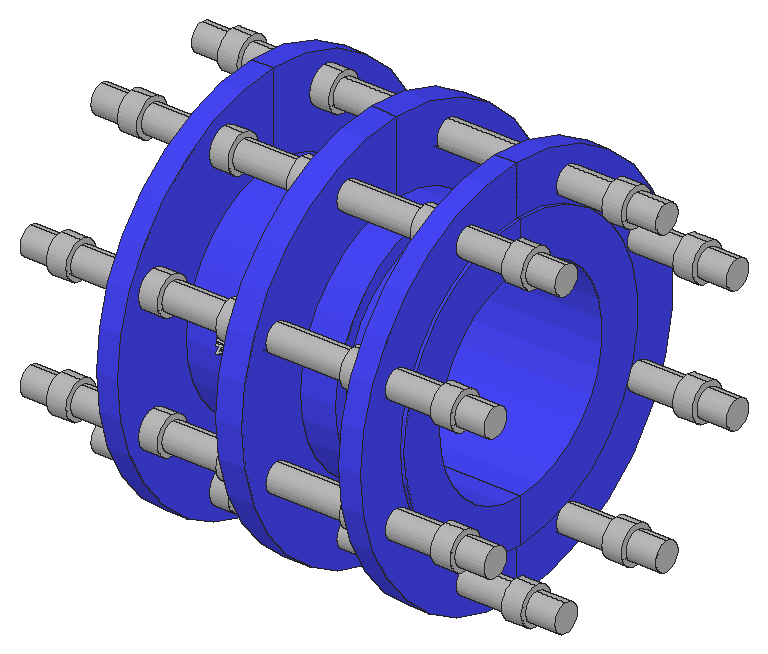
Revit family "265-91-001 DN80-150", category Pipe Accessories, Revit 2022
Family settings
  Round Connector Dimension = Use Diameter
  Part Type = Valve - Breaks Into
  Work Plane-Based = No
  Always vertical = Yes
  Cut with Voids When Loaded = No
  Shared = No
Parameters (values of type "DN150_PN16")
  raised_R = D * 0.75  # 106.875 mm
  offset = S11 - S  # 7 mm
  URL_product_pages = "https://www.avkvalves.com/P.aspx?no=265900401014036400"
  T1 = FL_T * 0.75  # 14.25 mm
  T = FL_T * 0.3  # 5.7 mm
  Search_table = "265-91-001 DN80-150"
  S11 = S * 1.35  # 27 mm
  S = size_lookup(Search_table, "S", 0 mm, DN)  # 20 mm
  Raised_dis = size_lookup(Search_table, "Raised_dis", 0 mm, DN)  # 3 mm
  PN = size_lookup(Search_table, "PN", 0 mm, DN)  # 16 mm
  PCD = size_lookup(Search_table, "PCD", 0 mm, DN) / 2  # 120 mm
  Nut_T = FL_T * 0.75  # 14.25 mm
  L3 = FL_T / 2  # 9.5 mm
  L2 = L * 0.065  # 22.1 mm
  L11 = size_lookup(Search_table, "L11", 0 mm, DN)  # 200 mm
  L1 = L11 * 0.68  # 136 mm
  FL_T/2 = FL_T / 2  # 9.5 mm
  L = size_lookup(Search_table, "L", 0 mm, DN)  # 340 mm
  FL_T = size_lookup(Search_table, "FL_T", 0 mm, DN)  # 19 mm
  Description_ = "AVK DISMANTLING JOINT WITH CENTRE FLANGE, PN10/16"
  Default Elevation = 0 mm
  DN150_PN16 = "265-9-0150-10-14036400"
  DN100_PN16 = "265-9-0100-10-14036400"
  DN080_PN16 = "265-9-0080-10-14036400"
  DN125_PN16 = "265-9-0125-10-14036400"
  DN = 150 mm
  D = size_lookup(Search_table, "D", 0 mm, DN) / 2  # 142.5 mm
  Bore = DN / 2  # 75 mm
  Bolt.no = size_lookup(Search_table, "Bolt.no", 0 mm, DN)  # 8 mm
  B1 = L * 0.08  # 27.2 mm
  25 = 25 mm  # constant formula
Types (5, lengths in mm): name | raised_R | offset | S11 | S | PCD | L2 | L | DN | D | Bore | B1
  (no name) | 106.875 | 7 | 27 | 20 | 120 | 22.1 | 340 | 150 | 142.5 | 75 | 27.2
  DN080_PN16 | 75 | 5.6 | 21.6 | 16 | 80 | 21.125 | 325 | 80 | 100 | 40 | 26
  DN100_PN16 | 82.5 | 5.6 | 21.6 | 16 | 90 | 21.125 | 325 | 100 | 110 | 50 | 26
  DN125_PN16 | 93.75 | 5.6 | 21.6 | 16 | 105 | 21.125 | 325 | 125 | 125 | 62.5 | 26
  DN150_PN16 | 106.875 | 7 | 27 | 20 | 120 | 22.1 | 340 | 150 | 142.5 | 75 | 27.2
Reference planes
  plane 1 "Center (Front/Back)": y = 0
  plane 2: z = 0
  plane 3 "Center (Left/Right)": x = 0
  plane 4: z = 142.5
  plane 5: z = -142.5
  plane 6: x = -100
  plane 7: x = 100
  plane 8: x = -100
  plane 9: x = 100
  plane 10: z = 75
  plane 11: y = 120
  plane 12: y = -120
  plane 13: z = 120
  plane 14: z = -120
  plane 15: x = -170
  plane 16: x = 170
  plane 17: x = 81
  plane 18: x = -147.9
  plane 19: x = 147.9
  plane 20: x = -81
  plane 21: x = -9.5
  plane 22: through (0, -0.246, 0.1) normal (0, 0.9239, -0.3827)
  plane 23: through (0, 0.246, 0.1) normal (0, 0.9239, 0.3827)
  plane 24: through (0, 0, 0.694) normal (0, 0.3827, -0.9239)
  plane 25: through (0, 0, 0.694) normal (0, 0.3827, 0.9239)
  plane 26: x = -133.65
  plane 27: x = -66.75
  plane 28: x = -23.75
  plane 29: x = 66.75
  plane 30: x = 133.65
Forms (mm)
  Revolve 1, solid, material "Laminate, Blue, Matte"
    sketch origin (0, 0, 0) x (1, 0, 0) y (0, 0, 1)
      loop
        line (-100, 106.875) -> (-100, 75) -> (100, 75) -> (100, 106.875) -> (97, 106.875) -> (97, 142.5) -> (81, 142.5) -> (81, 80.7) -> (-81, 80.7) -> (-81, 142.5) -> (-97, 142.5) -> (-97, 106.875) -> (-100, 106.875)
      axis (-100, 0) -> (100, 0)
    angle from 0 to 360
  Revolve 2, solid, material "Laminate, Blue, Matte"
    sketch origin (0, 0, 0) x (1, 0, 0) y (0, 0, 1)
      loop
        line (-9.5, 142.5) -> (-9.5, 80.7) -> (36, 80.7) -> (36, 89.25) -> (9.5, 89.25) -> (9.5, 142.5) -> (-9.5, 142.5)
      axis (-9.5, 0) -> (36, 0)
    angle from 0 to 360
  Extrusion 3, solid, material "Default Wall"
    sketch origin (-19, -1524, 234.624) x (0, 0, 1) y (0, -1, 0)
      loop
        circle (-123.065, -1569.922) r 10
      loop
        circle (-344.796, -1478.078) r 10
      loop
        circle (-188.008, -1634.866) r 10
      loop
        circle (-279.852, -1413.134) r 10
      loop
        circle (-123.065, -1478.078) r 10
      loop
        circle (-344.796, -1569.922) r 10
      loop
        circle (-279.852, -1634.866) r 10
      loop
        circle (-188.008, -1413.134) r 10
    from -151 to 189
  Extrusion 4, solid, material "Default Wall"
    sketch origin (-19, -1524, 234.624) x (0, 0, 1) y (0, -1, 0)
      loop
        circle (-123.065, -1569.922) r 13.5
      loop
        circle (-123.065, -1478.078) r 13.5
      loop
        circle (-344.796, -1478.078) r 13.5
      loop
        circle (-344.796, -1569.922) r 13.5
      loop
        circle (-188.008, -1634.866) r 13.5
      loop
        circle (-279.852, -1634.866) r 13.5
      loop
        circle (-188.008, -1413.134) r 13.5
      loop
        circle (-279.852, -1413.134) r 13.5
    from -128.9 to -114.65
  Extrusion 5, solid, material "Default Wall"
    sketch origin (-19, -1524, 234.624) x (0, 0, 1) y (0, -1, 0)
      loop
        circle (-123.065, -1569.922) r 13.5
      loop
        circle (-188.008, -1634.866) r 13.5
      loop
        circle (-279.852, -1634.866) r 13.5
      loop
        circle (-344.796, -1569.922) r 13.5
      loop
        circle (-344.796, -1478.078) r 13.5
      loop
        circle (-123.065, -1478.078) r 13.5
      loop
        circle (-188.008, -1413.134) r 13.5
      loop
        circle (-279.852, -1413.134) r 13.5
    from -62 to -47.75
  Extrusion 6, solid, material "Default Wall"
    sketch origin (-19, -1524, 234.624) x (0, 0, 1) y (0, -1, 0)
      loop
        circle (-123.065, -1569.922) r 13.5
      loop
        circle (-123.065, -1478.078) r 13.5
      loop
        circle (-188.008, -1413.134) r 13.5
      loop
        circle (-279.852, -1413.134) r 13.5
      loop
        circle (-344.796, -1478.078) r 13.5
      loop
        circle (-344.796, -1569.922) r 13.5
      loop
        circle (-279.852, -1634.866) r 13.5
      loop
        circle (-188.008, -1634.866) r 13.5
    from -4.75 to 9.5
  Extrusion 7, solid, material "Default Wall"
    sketch origin (-19, -1524, 234.624) x (0, 0, 1) y (0, -1, 0)
      loop
        circle (-123.065, -1569.922) r 13.5
      loop
        circle (-188.008, -1634.866) r 13.5
      loop
        circle (-279.852, -1634.866) r 13.5
      loop
        circle (-344.796, -1569.922) r 13.5
      loop
        circle (-344.796, -1478.078) r 13.5
      loop
        circle (-279.852, -1413.134) r 13.5
      loop
        circle (-188.008, -1413.134) r 13.5
      loop
        circle (-123.065, -1478.078) r 13.5
    from 85.75 to 100
  Extrusion 8, solid, material "Default Wall"
    sketch origin (-19, -1524, 234.624) x (0, 0, 1) y (0, -1, 0)
      loop
        circle (-123.065, -1569.922) r 13.5
      loop
        circle (-188.008, -1634.866) r 13.5
      loop
        circle (-279.852, -1634.866) r 13.5
      loop
        circle (-344.796, -1569.922) r 13.5
      loop
        circle (-344.796, -1478.078) r 13.5
      loop
        circle (-279.852, -1413.134) r 13.5
      loop
        circle (-188.008, -1413.134) r 13.5
      loop
        circle (-123.065, -1478.078) r 13.5
    from 152.65 to 166.9
Dimensions and locks
  equal spacing: plane 4, level, plane 5
  "D": plane 4 to level
  equal spacing: plane 7, plane 3 "Center (Left/Right)", plane 6
  "L11": plane 7 to plane 6
  equal spacing: plane 9, plane 3 "Center (Left/Right)", plane 8
  "L11": plane 9 to plane 8
  "Bore": plane 10 to level
  equal spacing: Revolve 1 sketch curve, plane 3 "Center (Left/Right)", Revolve 1 sketch curve  (x3)
  "T": Revolve 1 sketch curve to plane 10
  "Raised_dis": Revolve 1 sketch curve to plane 6
  "FL_T": Revolve 1 sketch curve to plane 6
  "T1": Revolve 2 sketch curve to plane 10
  "T": Revolve 2 sketch curve to plane 10
  "L1": Revolve 2 sketch curve to plane 6
  equal spacing: Revolve 2 sketch curve, plane 3 "Center (Left/Right)", Revolve 2 sketch curve
  "FL_T/2": plane 3 "Center (Left/Right)" to Revolve 2 sketch curve
  equal spacing: plane 11, plane 1 "Center (Front/Back)", plane 12
  equal spacing: plane 13, level, plane 14
  "PCD": plane 13 to level
  "PCD": plane 11 to plane 1 "Center (Front/Back)"
  equal spacing: plane 16, plane 3 "Center (Left/Right)", plane 15
  "L": plane 16 to plane 15
  "FL_T": plane 9 to plane 17
  "L2": plane 18 to plane 15
  equal spacing: plane 19, plane 3 "Center (Left/Right)", plane 18
  "FL_T": plane 20 to plane 8
  "FL_T/2": plane 3 "Center (Left/Right)" to plane 21
  "raised_R": Revolve 1 sketch curve to level
  equal spacing: Extrusion 3 sketch curve, plane 22, Extrusion 3 sketch curve  (x3)
  "PCD": plane 25 to Extrusion 3 sketch curve
  equal spacing: Extrusion 3 sketch curve, plane 25, Extrusion 3 sketch curve
  equal spacing: Extrusion 3 sketch curve, plane 23, Extrusion 3 sketch curve
  "PCD": plane 23 to Extrusion 3 sketch curve
  equal spacing: Extrusion 3 sketch curve, plane 24, Extrusion 3 sketch curve
  "PCD": plane 24 to Extrusion 3 sketch curve
  "PCD": plane 22 to Extrusion 3 sketch curve
  equal spacing: Extrusion 4 sketch curve, plane 22, Extrusion 4 sketch curve  (x3)
  "PCD": plane 25 to Extrusion 4 sketch curve
  equal spacing: Extrusion 4 sketch curve, plane 25, Extrusion 4 sketch curve  (x3)
  equal spacing: Extrusion 4 sketch curve, plane 24, Extrusion 4 sketch curve  (x3)
  "PCD": plane 24 to Extrusion 4 sketch curve
  equal spacing: Extrusion 4 sketch curve, plane 23, Extrusion 4 sketch curve
  "PCD": plane 23 to Extrusion 4 sketch curve
  "PCD": Extrusion 4 sketch curve to plane 22
  "Nut_T": plane 26 to plane 18
  "Nut_T": plane 27 to plane 20
  "Nut_T": plane 21 to plane 28
  "Nut_T": plane 17 to plane 29
  "Nut_T": plane 19 to plane 30
  plane 4 to plane 5 = 285 mm
  "S": diameter of Extrusion 3 sketch curve  (x8)
  "S11": diameter of Extrusion 4 sketch curve  (x8)
  diameter of Extrusion 3 = 20 mm
  aligned and locked: level to plane 2
  aligned and locked: Revolve 1 sketch curve to level
  aligned and locked: Revolve 1 sketch curve to Revolve 1 sketch curve  (x2)
  aligned and locked: plane 10 to Revolve 1 sketch curve
  aligned and locked: plane 6 to Revolve 1 sketch curve
  aligned and locked: Revolve 1 sketch curve to plane 4
  aligned and locked: Revolve 2 sketch curve to plane 4
  aligned and locked: Extrusion 3 to plane 15
  aligned and locked: plane 16 to Extrusion 3
  aligned and locked: Extrusion 4 to plane 18
  aligned and locked: plane 26 to Extrusion 4
  aligned and locked: Extrusion 5 sketch curve to Extrusion 4  (x16)
  aligned and locked: Extrusion 5 to plane 20
  aligned and locked: plane 27 to Extrusion 5
  aligned and locked: Extrusion 6 sketch curve to Extrusion 4  (x16)
  aligned and locked: Extrusion 6 to plane 28
  aligned and locked: Extrusion 6 to plane 21
  aligned and locked: Extrusion 7 sketch curve to Extrusion 4  (x16)
  aligned and locked: Extrusion 7 to plane 29
  aligned and locked: plane 17 to Extrusion 7
  aligned and locked: Extrusion 8 sketch curve to Extrusion 4  (x16)
  aligned and locked: Extrusion 8 to plane 19
  aligned and locked: Extrusion 8 to plane 30
Automatic sketch dimensions
  Revolve 1 sketch curve to plane 6 = 5.606 mm
  Revolve 1 sketch curve to plane 7 = 4.556 mm
  Revolve 2 sketch curve to level = 0 mm
  plane 18 to Revolve 2 sketch curve = 6.103 mm
  Revolve 2 sketch curve to plane 7 = 1.915 mm
  plane 23 to Extrusion 3 sketch curve = 0 mm  (x2)
  plane 24 to Extrusion 3 sketch curve = 0 mm  (x2)
  plane 25 to Extrusion 3 sketch curve = 0 mm  (x2)
  plane 23 to Extrusion 4 sketch curve = 0 mm  (x2)
Nested families
  nested 1: "Avk logo smaller one" at (-47.123, -80.575, 4.488) x (1, 0, 0) z (0, -0.9985, 0.0556), type "Avk logo smaller one"
Connectors
  piping at (-97, 0, 0), diameter 150, driven by "DN"
    settings: on Revolve 1, index 1, connector inside diameter 609.6 mm, connector length 0 mm, flow factor 0, pipe flow 0.0 L/s, pressure drop 0.0 Pa, fitting loss kfactor 0, connector angle 0.00°, fixture units 0, engagement length 0 mm, angle of deflection 0.00°, flow configuration 0, flow direction 0, fitting loss method 0, system type 7, joint type 0, gender type 0, connector reference index -1, connector utility 0, adjustable connector no, is connector primary yes, connector description ""
  piping at (100, 0, 0), diameter 150, driven by "DN"
    settings: on Revolve 1, index 2, connector inside diameter 609.6 mm, connector length 0 mm, flow factor 0, pipe flow 0.0 L/s, pressure drop 0.0 Pa, fitting loss kfactor 0, connector angle 0.00°, fixture units 0, engagement length 0 mm, angle of deflection 0.00°, flow configuration 0, flow direction 0, fitting loss method 0, system type 7, joint type 0, gender type 0, connector reference index -1, connector utility 0, adjustable connector no, is connector primary no, connector description ""
Definition of nested family "Avk logo smaller one"
  Parameters (values of type "Avk logo smaller one")
    Default Elevation = 10 mm  # constant formula
    5 = 5 mm  # constant formula
    10 = 10 mm  # constant formula
    1 = 1 mm  # constant formula
  Reference planes
    plane 1 "Center (Front/Back)": y = 0
    plane 2: z = 0
    plane 3 "Center (Left/Right)": x = 0
    plane 4: z = -5
    plane 5: y = 5
    plane 6: x = 10
    plane 7: x = -10
    plane 8: y = -5
  Forms (mm)
    Extrusion 1, solid
      sketch origin (0, 0, 0) x (1, 0, 0) y (0, 1, 0)
        loop
          line (-26.697, 30) -> (-26.697, -20.859) -> (26.519, -20.859) -> (26.519, 30) -> (-26.697, 30)
      from 0 to -13.628
    Extrusion 2, solid
      sketch origin (0.726, 0, 0) x (1, 0, 0) y (0, 1, 0)
        loop
          line (-10.726, 5) -> (-10.726, 3.049) -> (-4.87, 3.049) -> (-1.624, -5) -> (0.402, -5) -> (3.491, 3.049) -> (9.911, 3.049) -> (9.911, 5) -> (1.941, 5) -> (-0.627, -1.891) -> (-3.272, 5) -> (-10.726, 5)
        loop
          line (-10.726, 2.311) -> (-10.726, 0.229) -> (-8.927, 0.229) -> (-10.658, -5) -> (-8.613, -5) -> (-8.045, -3.593) -> (-5.189, -3.593) -> (-4.46, -5) -> (-2.401, -5) -> (-5.284, 2.311) -> (-10.726, 2.311)
        loop
          line (-7.637, -1.797) -> (-5.952, -1.797) -> (-6.807, 0.432) -> (-7.637, -1.797)
        loop
          line (1.381, -5) -> (3.416, -5) -> (4.458, -2.017) -> (6.333, -5) -> (8.907, -5) -> (6.715, -1.581)
          arc (6.715, -1.581) -> (8.018, -0.944) -> (8.873, 0.229) r 3.014
          line (8.873, 0.229) -> (9.911, 0.229) -> (9.911, 2.311) -> (7.594, 2.311)
          arc (7.594, 2.311) -> (6.805, 0.579) -> (5.137, -0.337) r 3.018
          line (5.137, -0.337) -> (6.207, 2.311) -> (4.172, 2.311) -> (1.381, -5)
      from 0 to 2
  Dimensions and locks
    "5": level to plane 4
    equal spacing: plane 8, plane 1 "Center (Front/Back)", plane 5
    equal spacing: plane 7, plane 3 "Center (Left/Right)", plane 6
    "5": plane 1 "Center (Front/Back)" to plane 5
    "10": plane 7 to plane 3 "Center (Left/Right)"
    aligned and locked: plane 2 to Extrusion 1
    aligned and locked: level to Extrusion 1
    aligned and locked: Extrusion 2 sketch curve to Extrusion 2 sketch curve  (x10)
    aligned and locked: Extrusion 2 to plane 8
    aligned and locked: plane 5 to Extrusion 2
    aligned and locked: Extrusion 2 to plane 7
  Automatic sketch dimensions
    Extrusion 1 sketch curve to Extrusion 1 sketch curve = 53.215 mm
    Extrusion 1 sketch curve to Extrusion 1 sketch curve = 50.859 mm
    Extrusion 2 sketch curve to plane 5 = 0 mm
    Extrusion 2 sketch curve to plane 7 = 0 mm
    Extrusion 2 sketch curve to plane 8 = 0 mm
    plane 7 to Extrusion 2 sketch curve = 0.068 mm
    Extrusion 2 sketch curve to plane 1 "Center (Front/Back)" = 0.229 mm  (x2)
    plane 7 to Extrusion 2 sketch curve = 1.798 mm
    Extrusion 2 sketch curve to Extrusion 2 sketch curve = 2.044 mm
    Extrusion 2 sketch curve to Extrusion 2 sketch curve = 0.569 mm
    Extrusion 2 sketch curve to Extrusion 2 sketch curve = 0.407 mm
    Extrusion 2 sketch curve to plane 1 "Center (Front/Back)" = 0.432 mm
    Extrusion 2 sketch curve to Extrusion 2 sketch curve = 2.12 mm
    plane 1 "Center (Front/Back)" to Extrusion 2 sketch curve = 1.797 mm
    Extrusion 2 sketch curve to Extrusion 2 sketch curve = 1.686 mm
    Extrusion 2 sketch curve to Extrusion 2 sketch curve = 1.523 mm
    plane 8 to Extrusion 2 sketch curve = 1.407 mm
    Extrusion 2 sketch curve to Extrusion 2 sketch curve = 0.762 mm
    Extrusion 2 sketch curve to plane 5 = 1.951 mm
    Extrusion 2 sketch curve to Extrusion 2 sketch curve = 0.414 mm
    Extrusion 2 sketch curve to Extrusion 2 sketch curve = 0.73 mm
    Extrusion 2 sketch curve to Extrusion 2 sketch curve = 1.599 mm
    Extrusion 2 sketch curve to plane 3 "Center (Left/Right)" = 1.676 mm
    Extrusion 2 sketch curve to Extrusion 2 sketch curve = 0.777 mm
    plane 3 "Center (Left/Right)" to Extrusion 2 sketch curve = 0.099 mm
    plane 3 "Center (Left/Right)" to Extrusion 2 sketch curve = 1.127 mm
    Extrusion 2 sketch curve to Extrusion 2 sketch curve = 0.979 mm
    plane 3 "Center (Left/Right)" to Extrusion 2 sketch curve = 2.666 mm
    Extrusion 2 sketch curve to Extrusion 2 sketch curve = 2.035 mm
    Extrusion 2 sketch curve to Extrusion 2 sketch curve = 1.551 mm
    Extrusion 2 sketch curve to plane 1 "Center (Front/Back)" = 2.311 mm
    Extrusion 2 sketch curve to Extrusion 2 sketch curve = 0.681 mm
    plane 1 "Center (Front/Back)" to Extrusion 2 sketch curve = 2.017 mm
    Extrusion 2 sketch curve to Extrusion 2 sketch curve = 1.043 mm
    Extrusion 2 sketch curve to Extrusion 2 sketch curve = 0.42 mm
    plane 1 "Center (Front/Back)" to Extrusion 2 sketch curve = 0.337 mm
    Extrusion 2 sketch curve to Extrusion 2 sketch curve = 0.679 mm
    Extrusion 2 sketch curve to Extrusion 2 sketch curve = 0.944 mm
    Extrusion 2 sketch curve to Extrusion 2 sketch curve = 0.126 mm
    Extrusion 2 sketch curve to Extrusion 2 sketch curve = 2.917 mm
    plane 1 "Center (Front/Back)" to Extrusion 2 sketch curve = 1.581 mm
    Extrusion 2 sketch curve to Extrusion 2 sketch curve = 1.578 mm
    Extrusion 2 sketch curve to Extrusion 2 sketch curve = 1.386 mm
    Extrusion 2 sketch curve to plane 6 = 0.402 mm
    Extrusion 2 sketch curve to plane 6 = 0.368 mm
    plane 6 to Extrusion 2 sketch curve = 0.637 mm
    plane 1 "Center (Front/Back)" to Extrusion 2 sketch curve = 1.891 mm
